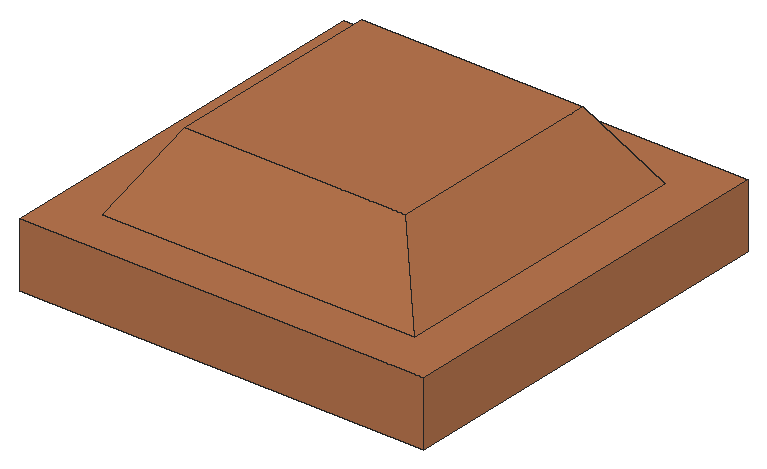
Revit family "D2_Recessed Square Down Light", category Lighting Fixtures, Revit 2013
Parameters (values of type "2 x 18W")
  Wattage = 9.2903 W
  built-in parameter 1150110 = 1 (stored number, unit not read)
  built-in parameter 1114217 = 1 (stored number, unit not read)
  built-in parameter 1150109 = 1 (stored number, unit not read)
  built-in parameter 1150134 = 3
  built-in parameter 1150113 = 1 (stored number, unit not read)
  Model = ""
  Manufacturer = ""
  built-in parameter 1150105 = 109.82 (stored number, unit not read)
  Lumens = 1380 lm
  built-in parameter 1150115 = 1 (stored number, unit not read)
  Load Classification = Ltg
  Light Type [instance] = "D2"
  Light Source Symbol Size = 609.6 mm
  built-in parameter 1150137 = (empty or 0)
  built-in parameter 1150139 = (empty or 0)
  built-in parameter 1150112 = 1 (stored number, unit not read)
  built-in parameter 1150114 = 1 (stored number, unit not read)
  Lamp = "2 x 18W"
  built-in parameter 1150132 = (empty or 0)
  built-in parameter 1150102 = (empty or 0)
  built-in parameter 1150107 = 3200 (stored number, unit not read)
  built-in parameter 1150138 = (empty or 0)
  built-in parameter 1150106 = 1.0982 (stored number, unit not read)
  Emit from Line Length = 609.6 mm
  built-in parameter 1150104 = 13.8 (stored number, unit not read)
  Dimming Lamp Color Temperature Shift = <None>
  Color Filter = 16777215
  Body = Light Body
  Material = Bright
  built-in parameter 1114218 = 1 (stored number, unit not read)
  built-in parameter 1150133 = 10 (stored number, unit not read)
  Apparent Load = 36 VA
Reference planes
  plane 1 "Light Source Axis (F/B)": y = 0
  plane 2: z = 0
  plane 3 "Light Source Axis (L/R)": x = 0
  plane 4 "Light Source Elevation": z = 40
  plane 5: x = -110
  plane 6: x = 110
  plane 7: y = 110
  plane 8: y = -110
  plane 9: y = 85
  plane 10: y = -85
  plane 11: x = -85
  plane 12: x = 85
  plane 13: z = -35
  plane 14: z = 40
Forms (mm)
  Extrusion 1, solid, material "Light Body" <- "Body"
    sketch origin (0, 0, 0) x (1, 0, 0) y (0, 1, 0)
      loop
        line (-85, -85) -> (85, -85) -> (85, 85) -> (-85, 85) -> (-85, -85)
      loop
        line (-110, 110) -> (-110, -110) -> (110, -110) -> (110, 110) -> (-110, 110)
    from 0 to -35
  Blend 2, solid, material "Light Body" <- "Body"
    base sketch origin (0, 0, 0) x (1, 0, 0) y (0, 1, 0)
      loop
        line (-85, -85) -> (85, -85) -> (85, 85) -> (-85, 85) -> (-85, -85)
    top sketch origin (0, 0, 0) x (1, 0, 0) y (0, 1, 0)
      loop
        line (-60, -60) -> (60, -60) -> (60, 60) -> (-60, 60) -> (-60, -60)
    from 0 to 40
  Extrusion 3, solid, material "Bright" <- "Material"
    sketch origin (0, 0, 0) x (1, 0, 0) y (0, 1, 0)
      loop
        line (-85, -85) -> (85, -85) -> (85, 85) -> (-85, 85) -> (-85, -85)
    from -10 to -35
Dimensions and locks
  plane 2 to plane 13 = 35 mm
  plane 14 to plane 2 = 40 mm
  aligned and locked: level to plane 2
Nested families
  nested 1: "EL_D2" at (0, 0, 0), type "EL_D2"
Connectors
  electrical at (0, 72.5, 20), driven by "Load Classification"
    settings: on Blend 2, index 1, voltage 230 V, apparent load 0 VA, apparent load phase1 36 VA, apparent load phase2 0 VA, apparent load phase3 0 VA, power factor 0.9, load classification "Ltg", number of poles 1, system type 31, power factor state 1, is connector primary yes, connector utility no, sub classification motor no, connector description ""
Definition of nested family "EL_D2"
  Reference planes
    plane 1: y = 0
    plane 2: x = 0
  Lines and regions (mm)
    detail lines, style "Lighting Symbols"
      curve 1: line (-1.35, -1.35, 0) -> (1.35, -1.35, 0)
      curve 2: line (-1.35, 1.35, 0) -> (-1.35, -1.35, 0)
      curve 3: line (1.35, 1.35, 0) -> (-1.35, 1.35, 0)
      curve 4: line (1.35, -1.35, 0) -> (1.35, 1.35, 0)
      curve 5: line (-0.95, 0.95, 0) -> (0.95, 0.95, 0)
      curve 6: line (-0.95, -0.95, 0) -> (-0.95, 0.95, 0)
      curve 7: line (0.95, -0.95, 0) -> (-0.95, -0.95, 0)
      curve 8: line (0.95, 0.95, 0) -> (0.95, -0.95, 0)
      curve 9: line (-0.95, 0.5, 0) -> (0.95, 0.5, 0)
      curve 10: line (-0.95, 0.4, 0) -> (0.95, 0.4, 0)
      curve 11: line (-0.95, -0.5, 0) -> (0.95, -0.5, 0)
      curve 12: line (-0.95, -0.4, 0) -> (0.95, -0.4, 0)
